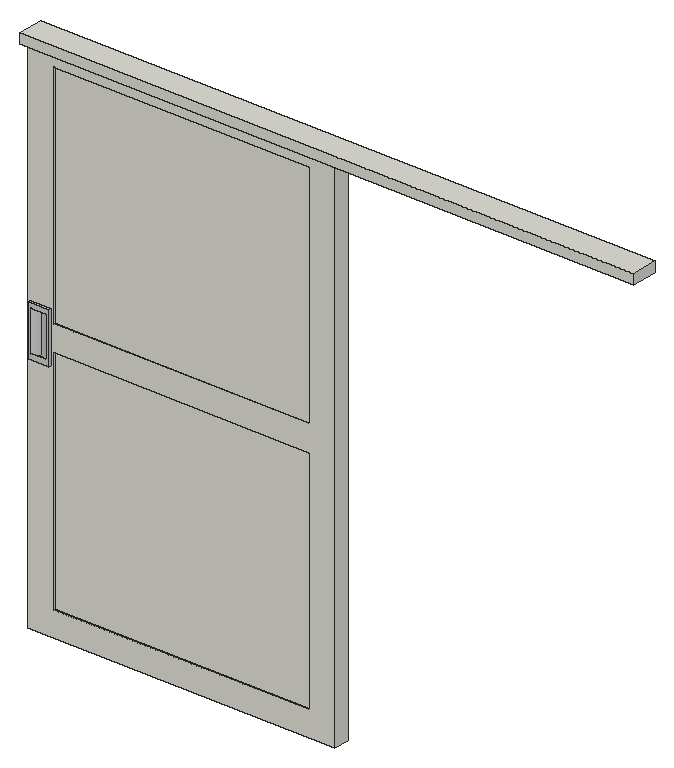
Revit family "D1_鐵推門(甲種防火門)", category 門, Revit 2014
Parameters
  解析營造 = "<無>"
  功能 = 室內
  外部框架投影 = 2.5 cm
  內部框架投影 = 2.5 cm
  框寬 = 7.5 cm
  高度 = 210 cm
  牆封閉 = 依主體
  寬度 = 120 cm
Reference planes (cm)
  plane 1: y = 0
  plane 2 "中心 (左/右)": x = 0
  plane 3 "左": x = -60
  plane 4 "右": x = 60
  plane 5: z = 210
  plane 6 "外部": y = 7.5
  plane 7 "內部": y = -7.5
  plane 8: z = 105
  plane 9: z = 105
Forms (cm)
  Extrusion 1, solid, material "鋼、油漆塗層、象牙白色、霧面"
    sketch origin (0, -7.5, 0) x (1, 0, 0) y (0, 0, 1)
      loop
        line (-60, 206) -> (-60, 0) -> (60, 0) -> (60, 206) -> (-60, 206)
      loop
        line (-50, 200) -> (-50, 110) -> (50, 110) -> (50, 200) -> (-50, 200)
      loop
        line (50, 100) -> (-50, 100) -> (-50, 10) -> (50, 10) -> (50, 100)
    from 0 to 6
  Extrusion 2, solid, material "鋼、油漆塗層、象牙白色、霧面"
    sketch origin (0, -7.5, 0) x (1, 0, 0) y (0, 0, 1)
      loop
        line (-50, 200) -> (-50, 110) -> (50, 110) -> (50, 200) -> (-50, 200)
      loop
        line (-50, 100) -> (-50, 10) -> (50, 10) -> (50, 100) -> (-50, 100)
    from 5.5 to 0.5
  Extrusion 3, solid, material "鋼、油漆塗層、象牙白色、霧面"
    sketch origin (-500, -7.5, 0) x (1, 0, 0) y (0, 0, 1)
      loop
        line (440, 210) -> (440, 206) -> (680, 206) -> (680, 210) -> (440, 210)
    from 10 to 0
  Extrusion 4, solid, material "鋼、鍍鋅"
    sketch origin (0, -13.5, 0) x (-1, 0, 0) y (0, 0, -1)
      loop
        line (59, -115) -> (59, -95) -> (51, -95) -> (51, -115) -> (59, -115)
    from 1 to 0
  Extrusion 5, void
    sketch origin (0, -21, 0) x (0, 1, 0) y (1, 0, 0)
      loop
        circle (2.4787, -55.0512) r 5
    from -113 to -97
  Extrusion 6, solid, material "鋼、鍍鋅"
    sketch origin (0, -7.5, 0) x (-1, 0, 0) y (0, 0, 1)
      loop
        line (59, 115) -> (51, 115) -> (51, 95) -> (59, 95) -> (59, 115)
    from 1 to 0
  Extrusion 7, void
    sketch origin (0, 0, 0) x (0, 1, 0) y (1, 0, 0)
      loop
        circle (-2.4787, -55.0512) r 5
    from -113 to -97
Cuts and joins
  Extrusion 5, Extrusion 7 cuts Extrusion 4
  Extrusion 7 cuts Extrusion 6
Lines and regions (cm)
  Opening 1
    outline origin (-305, -7.5, 0) x (1, 0, 0) y (0, 0, 1)
      loop
        line (245, 0) -> (365, 0) -> (365, 210) -> (245, 210) -> (245, 0)
  symbolic lines, style "Doors"
    curve 1: line (-10, 7.5, 105.0764) -> (10, 7.5, 105.0764)
    curve 2: line (10, 7.5, 105.0764) -> (6.335, 7.5, 108.7414)
    curve 3: line (10, 7.5, 105.0764) -> (6.335, 7.5, 101.4115)
  symbolic lines, style "平面圖打開方向"
    curve 4: line (60, -10.5, 0) -> (180, -10.5, 0)
Text (cm)
  text "外部" at (-229.5016, 109.9543, 0), in view "參考樓層"
  text "外部" at (0, 161.538, 369.8081), in view "左"
  text "外部" at (0, 103.6032, 387.4932), in view "右"
Dimensions and locks (cm)
  equal spacing: plane 3 "左", plane 2 "中心 (左/右)", plane 4 "右"
  "寬度": plane 3 "左" to plane 4 "右"
  "高度": plane 5 to host wall
  host wall to plane 5 = 210 cm  (x2)
  locked: plane 6 "外部" to host wall at 0
  locked: plane 7 "內部" to host wall
  aligned and locked: plane 3 "左" to Opening 1 sketch curve
  aligned and locked: plane 5 to Opening 1 sketch curve  (x2)
  aligned and locked: Opening 1 sketch curve to plane 4 "右"
  aligned and locked: Opening 1 sketch curve to level
  aligned and locked: plane 1 to host wall
Automatic sketch dimensions
  Extrusion 1 sketch curve to level = 0 cm
  plane 3 "左" to Extrusion 1 sketch curve = 0 cm
  plane 4 "右" to Extrusion 1 sketch curve = 0 cm
  level to Extrusion 1 sketch curve = 10 cm
  Extrusion 1 sketch curve to plane 3 "左" = 10 cm  (x2)
  plane 4 "右" to Extrusion 1 sketch curve = 10 cm  (x2)
  Extrusion 1 sketch curve to Extrusion 1 sketch curve = 90 cm
  Extrusion 1 sketch curve to Extrusion 1 sketch curve = 10 cm
  plane 5 to Extrusion 1 sketch curve = 10 cm
  plane 5 to Extrusion 1 sketch curve = 4 cm
  Extrusion 2 sketch curve to plane 3 "左" = 10 cm  (x2)
  level to Extrusion 2 sketch curve = 10 cm
  plane 4 "右" to Extrusion 2 sketch curve = 10 cm  (x2)
  Extrusion 2 sketch curve to Extrusion 2 sketch curve = 90 cm
  Extrusion 2 sketch curve to Extrusion 2 sketch curve = 10 cm
  plane 5 to Extrusion 2 sketch curve = 10 cm
  plane 2 "中心 (左/右)" to curve 1 = 10 cm
  plane 5 to curve 1 = 104.9236 cm
  curve 1 to plane 2 "中心 (左/右)" = 10 cm
  curve 3 to curve 1 = 3.665 cm  (x2)
  curve 2 to curve 1 = 3.665 cm
  curve 4 to plane 4 "右" = 0 cm
  host wall to curve 4 = 3 cm
  curve 4 to curve 4 = 120 cm
  plane 3 "左" to Extrusion 3 sketch curve = 0 cm
  Extrusion 3 sketch curve to plane 5 = 0 cm
  plane 5 to Extrusion 3 sketch curve = 4 cm
  Extrusion 3 sketch curve to plane 4 "右" = 120 cm
  Extrusion 4 sketch curve to plane 3 "左" = 9 cm
  Extrusion 4 sketch curve to plane 8 = 10 cm
  Extrusion 4 sketch curve to plane 3 "左" = 1 cm
  plane 8 to Extrusion 4 sketch curve = 10 cm
  Extrusion 5 sketch curve to plane 3 "左" = 4.9488 cm
  host wall to Extrusion 5 sketch curve = 11.0213 cm
  Extrusion 6 sketch curve to plane 3 "左" = 9 cm
  Extrusion 6 sketch curve to plane 3 "左" = 1 cm
  plane 9 to Extrusion 6 sketch curve = 10 cm
  Extrusion 6 sketch curve to plane 9 = 10 cm
  host wall to Extrusion 7 sketch curve = 2.4787 cm
  Extrusion 7 sketch curve to plane 3 "左" = 4.9488 cm
  radius of Extrusion 5 sketch curve = 5 cm
  radius of Extrusion 7 sketch curve = 5 cm
